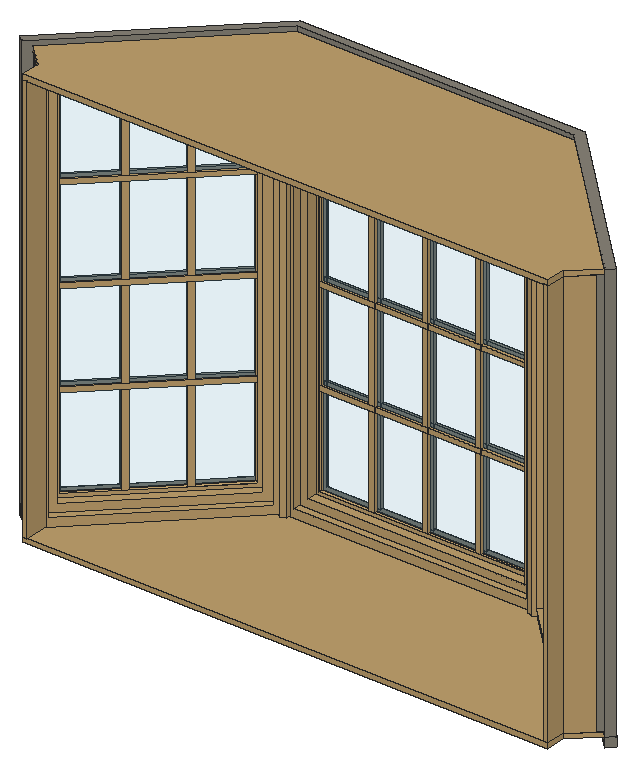
Revit family
Parameters (values of type "CUCABB_45")
  Window Type = "Clad Ultimate Casement Bay-45 Degree"
  Width Side Unit = Nominal Width Side Unit  # 2' - 4"
  Width Center Unit = Nominal Width Center Unit  # 3' - 0"
  Void Offset_SB = if(Sill Board Visibility, 0' 0 11/16", 0' 0")  # 0' - 0 11/16"
  Void Offset_S = if(Subsill A217 Visibility, 0' 1 11/32", if(Sill Board Visibility, 0' 0 11/16", if(Subsill A246 Visibility, 0' 0 9/16", 0' 0")))  # 0' - 1 11/32"
  Void Offset_HB = if(Head Board Visibility, 0' 0 11/16", 0' 0")  # 0' - 0 11/16"
  Void Offset_H = if(Flat Casing Visibility, 0' 3", if(BMC Visibility, 0' 1 5/16", if(Head Board Visibility, 0' 0 11/16", 0' 0")))  # 0' - 1 5/16"
  Void Offset_C2 = if(Flat Casing Visibility, 0' 3", 0' 1 5/16")  # 0' - 1 5/16"
  Void Offset_C = if(Casing Visibility, 0' 0", 0' 9")  # 0' - 0"
  Vent Area = VO Width * VO Height * 2  # 15.6714 SF
  VO Width = if(Width Side Unit < 1' 8", Width Side Unit - 0' 9 19/32", Width Side Unit - 0' 7 7/64")  # 1' - 8 57/64"
  VO Height = Height Without Seat_Head Board - 0' 5 29/256"  # 4' - 6 3/256"
  URL = "www.marvin.com"
  Subsill Height = if(Subsill A217 Visibility, 0' 1 11/32", 0' 0 9/16")  # 0' - 1 11/32"
  Prairie Corner Width = 0' - 4"
  Prairie Corner Height = 0' - 4"
  Offset_3 [instance] = if(not(Casing Visibility), 0' 0 1/16", if(Inset to Installation Flange > 0' 0 13/16", 0' 1", 0' 0"))  # 0' - 1"
  Offset_2 [instance] = if(not(Casing Visibility), 0' 0 1/16", if(Inset to Installation Flange < 0' 0 13/16", 0' 1", 0' 0"))  # 0' - 0"
  Offset [instance] = if(BMC Visibility, 0' 3 81/128" + Inset to Installation Flange, if(Flat Casing Visibility, 0' 2 113/256" + Inset to Installation Flange, 0' 4 9/16" + Inset to Installation Flange))  # 0' - 4 81/128"
  Muntins Interior Material = Wood-Marvin-Pine
  Muntins Exterior Material = Aluminum-Marvin-Bronze
  Lite Cut Prairie 9 = no
  Lite Cut HV Grid = not(Lite Cut Prairie 9)  # yes
  Interior Material = Wood-Marvin-Pine
  Head Board Visibility = yes
  Sill Board Visibility = yes
  Projection = (Width Side Unit + 0' 1 115/128") * (sqrt(2) / 2)  # 1' - 9.14139"
  Glazing Material = Glass-Marvin-IG Low E II with Argon
  Frame = "Aluminum Clad"
  Elevation Swing Visibility = yes
  Design Pressure = "DP50"
  Cladding Material = Aluminum-Marvin-Bronze
  Casing Width = if(BMC Visibility, 0' 1 5/16", 0' 3")  # 0' - 1 5/16"
  Casing Visibility = yes
  Subsill Visibility = yes
  Casing Offset = if(BMC Visibility, 0' 0 119/128", if(Flat Casing Visibility, 0' 2 31/256", 0' 0"))  # 0' - 0 119/128"
  BMC Visibility = and(Casing Visibility, BMC)  # yes
  Flat Casing Visibility = and(Casing Visibility, Flat Casing)  # no
  Subsill A246 Visibility = and(Subsill Visibility, Subsill A246)  # no
  Subsill A217 Visibility = and(Subsill Visibility, Subsill A217)  # yes
  BMC = yes
  Flat Casing = not(BMC)  # no
  Subsill A246 = no
  Subsill A217 = not(Subsill A246)  # yes
  Nominal Width Side Unit = 2' - 4"
  Nominal Width Center Unit = 3' - 0"
  Nominal Height = 5' - 0"
  Model = "CUCABB_45"
  Manufacturer = "Marvin Windows and Doors"
  Lites Wide Side = 3
  Lites Wide Center = 4
  Lites High = 4
  Label Visibility = no
  Height With Seat_Head Board = Nominal Height + 0' 0 1/2"  # 5' - 0 1/2"
  Height Without Seat_Head Board = Nominal Height - 0' 0 7/8"  # 4' - 11 1/8"
  Glass Type = "IG Low E II with Argon"
  Family created by (URL) = "www.rbuiltcomponents.com"
  Rough Width = Projection * 2 + Width Center Unit + 0' 4 1/32"  # 6' - 10.31403"
  Rough Height = Height + 0' 0 1/2"  # 5' - 1"
  Muntins Interior Visibility = yes
  Muntins Exterior Visibility = yes
  Inset to Installation Flange [instance] = 0' - 1"
  Height = if(and(Head Board Visibility, Sill Board Visibility), Nominal Height + 0' 0 1/2", if(or(Head Board Visibility, Sill Board Visibility), Nominal Height - 0' 0 3/16", Nominal Height - 0' 0 7/8"))  # 5' - 0 1/2"
  Description = "CSMT BAY"
  Default Head Height = 8' - 0"
  Wall Closure = (empty or 0)
  Width = Rough Width  # 6' - 10.31403"
  Daylight Area = 2 * (DLO Width Side * DLO Height) + (DLO Width Center * DLO Height)  # 27.605 SF
  DLO Width Side = Width Side Unit - 0' 5 13/16"  # 1' - 10 3/16"
  DLO Width Center = Width Center Unit - 0' 5 13/16"  # 2' - 6 3/16"
  DLO Height = Height Without Seat_Head Board - 0' 5 13/16"  # 4' - 5 5/16"
  Assembly Code = ""
Reference planes (in)
  plane 1 "Center (Front/Back)": y = 0
  plane 2: z = 0
  plane 3 "Center (Left/Right)": x = -3
  plane 4 "Left": x = -44.15701
  plane 5 "Right": x = 38.15701
  plane 6 "Sill": z = 36.1875
  plane 7 "Top": z = 95.3125
  plane 8 "Inset": y = 2.92969
  plane 9 "Jamb Ext Face": y = -1.63281
  plane 10: z = 65.75
  plane 11: y = -0.29613
  plane 12: x = -40.9312
  plane 13: x = 34.9312
  plane 14 "Projection": y = 24.07108
  plane 15 "HB": z = 96
  plane 16 "SB": z = 35.5
  plane 17 "Offset_H": z = 96.625
  plane 18 "Offset_S": z = 34.84375
  plane 19 "Subsill": z = 34.84375
  plane 20 "Offset_HB": z = 96
  plane 21 "Offset_SB": z = 35.5
  plane 22 "Casing": z = 96.625
Forms (in)
  Extrusion 1, void
    sketch origin (0, 0, 36.1875) x (0, -1, 0) y (1, 0, 0)
      loop
        line (0.29613, -40.9312) -> (3, -40.9312) -> (3, 34.9312) -> (0.29613, 34.9312) -> (0.29613, -40.9312)
    from -0.6875 to 59.8125
  Extrusion 2, void
    sketch origin (0, 0, 36.1875) x (0, -1, 0) y (1, 0, 0)
      loop
        line (-3, -44.22733) -> (0.29613, -40.9312) -> (0.29613, 34.9312) -> (-3, 38.22733) -> (-3, -44.22733)
    from -1.34375 to 60.4375
  Extrusion 3, solid, material "Aluminum-Marvin-Bronze" <- "Cladding Material"
    sketch origin (0, 0, 36.1875) x (0, -1, 0) y (1, 0, 0)
      loop
        line (-23.50226, -25.1316) -> (-19.5025, -21.13185) -> (-19.06034, -21.57401) -> (-18.70678, -21.22046) -> (-19.00858, -20.37688) -> (-19.50858, -20.37688) -> (-19.50858, -21) -> (-25.16508, -21) -> (-25.16508, -23.46878) -> (-23.50226, -25.1316)
    from 0 to 59.125
  Extrusion 4, solid, material "Aluminum-Marvin-Bronze" <- "Cladding Material"
    sketch origin (-6, 0, 36.1875) x (0, -1, 0) y (1, 0, 0)
      loop
        line (-23.50226, 25.1316) -> (-25.16508, 23.46878) -> (-25.16508, 21) -> (-19.50858, 21) -> (-19.50858, 20.37688) -> (-19.00858, 20.37688) -> (-18.70678, 21.22046) -> (-19.06034, 21.57401) -> (-19.5025, 21.13185) -> (-23.50226, 25.1316)
    from 0 to 59.125
  Extrusion 5, solid, material "Wood-Marvin-Pine" <- "Interior Material", visible <- "Sill Board Visibility"
    sketch origin (0, 0, 36.1875) x (0, -1, 0) y (1, 0, 0)
      loop
        line (-2.92969, -44.15701) -> (0.29613, -40.9312) -> (3, -40.9312) -> (3, 34.9312) -> (0.29613, 34.9312) -> (-2.92969, 38.15701) -> (-24.07108, 17.01563) -> (-24.07108, -23.01563) -> (-2.92969, -44.15701)
    from 0 to -0.6875
  Extrusion 6, solid, material "Wood-Marvin-Pine" <- "Interior Material", visible <- "Head Board Visibility"
    sketch origin (0, 0, 95.3125) x (0, -1, 0) y (1, 0, 0)
      loop
        line (-2.92969, -44.15701) -> (0.29613, -40.9312) -> (3, -40.9312) -> (3, 34.9312) -> (0.29613, 34.9312) -> (-2.92969, 38.15701) -> (-24.07108, 17.01563) -> (-24.07108, -23.01563) -> (-2.92969, -44.15701)
    from 0.6875 to 0
  Extrusion 7, void
    sketch origin (0, 0, 36.1875) x (0, -1, 0) y (1, 0, 0)
      loop
        line (-2.92969, -44.15701) -> (-11.41497, -52.64229) -> (-10.48689, -53.57037) -> (-2.00161, -45.08509) -> (-2.92969, -44.15701)
      loop
        line (-2.92969, 38.15701) -> (-2.00161, 39.08509) -> (-10.48689, 47.57037) -> (-11.41497, 46.64229) -> (-2.92969, 38.15701)
    from -1.34375 to 60.4375
  Extrusion 8, void
    sketch origin (0, 0, 36.1875) x (0, -1, 0) y (1, 0, 0)
      loop
        line (-24.07108, -23.01563) -> (-2, -45.0867) -> (-2, 39.0867) -> (-24.07108, 17.01562) -> (-24.07108, -23.01563)
    from 60.4375 to -1.34375
  Sweep 9, solid, material "Aluminum-Marvin-Bronze" <- "Cladding Material", visible <- "Flat Casing Visibility"
    path in 3D
      loop
        line (-45.0867, 2, 34.84375) -> (-45.0867, 2, 96.625) -> (-23.01563, 24.07108, 96.625) -> (17.01562, 24.07108, 96.625) -> (39.0867, 2, 96.625) -> (39.0867, 2, 34.84375)
    profile "Flat_Casing_Clad : Flat_Casing_Clad" origin (-45.0867, 2, 65.73438) x (1, 0, 0) y (0, 1, 0)
      loop
        line (1.34792, 2.89472) -> (-0.7734, 0.7734) -> (0, 0) -> (2.12132, 2.12132) -> (1.34792, 2.89472)
  Sweep 10, solid, material "Aluminum-Marvin-Bronze" <- "Cladding Material", visible <- "Subsill Visibility"
    path in 3D
      loop
        line (39.0867, 2, 34.84375) -> (17.01562, 24.07108, 34.84375) -> (-23.01563, 24.07108, 34.84375) -> (-45.0867, 2, 34.84375)
    profile origin (-3, 24.07108, 34.84375) x (0, -1, 0) y (0, 0, 1)
      loop
        line (0, 1.34375) -> (-1.09401, 1.34375) -> (-1.09401, 1.1911) -> (-1.34375, 1.15625) -> (-1.34375, 0) -> (0, 0) -> (0, 1.34375)
  Sweep 11, solid, material "Aluminum-Marvin-Bronze" <- "Cladding Material", visible <- "BMC Visibility"
    path in 3D
      loop
        line (-45.0867, 2, 34.84375) -> (-45.0867, 2, 96.625) -> (-23.01563, 24.07108, 96.625) -> (17.01562, 24.07108, 96.625) -> (39.0867, 2, 96.625) -> (39.0867, 2, 34.84375)
    profile "BMC_Clad : BMC_Clad" origin (-45.0867, 2, 65.73438) x (1, 0, 0) y (0, 1, 0)
      loop
        line (-0.4604, 1.30736) -> (-0.88227, 0.88549) -> (0.00161, 0.00161) -> (0.92969, 0.92969) -> (0.15629, 1.70309) -> (-0.11298, 1.43381) -> (-0.4604, 1.30736)
  Extrusion 12, solid, material "Wood-Marvin-Pine" <- "Interior Material"
    sketch origin (0, 0, 36.1875) x (0, -1, 0) y (1, 0, 0)
      loop
        line (0.29685, -40.9312) -> (3, -40.9312) -> (3, -40.2437) -> (-0.39065, -40.2437) -> (0.29685, -40.9312)
      loop
        line (0.29685, 34.9312) -> (-0.39065, 34.2437) -> (3, 34.2437) -> (3, 34.9312) -> (0.29685, 34.9312)
    from 0 to 59.125
Cuts and joins
  Extrusion 7 cuts Extrusion 5
Lines and regions (in)
  Masking region 1, visible <- "Sill Board Visibility"
    outline origin (0, 0, 36.1875) x (0, -1, 0) y (1, 0, 0)
      loop
        line (-19.50858, -21.12578) -> (0.29685, -40.9312) -> (3, -40.9312) -> (3, 34.9312) -> (0.29685, 34.9312) -> (-19.50858, 15.12578) -> (-19.50858, -21.12578)
  Masking region 2
    outline origin (-3, 7.5, 0) x (0, 1, 0) y (0, 0, 1)
      loop
        line (17.66508, 95.3125) -> (-10.5, 95.3125) -> (-10.5, 36.1875) -> (17.66508, 36.1875) -> (17.66508, 95.3125)
  Masking region 3, visible <- "BMC Visibility"
    outline origin (0, 0, 36.1875) x (0, -1, 0) y (1, 0, 0)
      loop
        line (-3.70309, -44.93041) -> (-3.43381, -45.19968) -> (-3.30736, -45.5471) -> (-2.88549, -45.96897) -> (-2.00161, -45.08509) -> (-2.92969, -44.15701) -> (-3.70309, -44.93041)
      loop
        line (-2.92969, 38.15701) -> (-2.00161, 39.08509) -> (-2.88549, 39.96897) -> (-3.30736, 39.5471) -> (-3.43381, 39.19968) -> (-3.70309, 38.93041) -> (-2.92969, 38.15701)
  Masking region 4, visible <- "Flat Casing Visibility"
    outline origin (0, 0, 36.1875) x (0, -1, 0) y (1, 0, 0)
      loop
        line (-4.89472, 37.73878) -> (-4.12132, 36.96538) -> (-2, 39.0867) -> (-2.7734, 39.8601) -> (-4.89472, 37.73878)
      loop
        line (-2, -45.0867) -> (-4.12132, -42.96538) -> (-4.89472, -43.73878) -> (-2.7734, -45.8601) -> (-2, -45.0867)
  Masking region 5
    outline origin (0, 0, 36.1875) x (0, -1, 0) y (1, 0, 0)
      loop
        line (-25.16508, -23.46878) -> (-3.70327, -44.93059) -> (0.29613, -40.9312) -> (3, -40.9312) -> (3, -40.2437) -> (-0.39137, -40.2437) -> (-19.50908, -21.12599) -> (-19.50908, 15.12599) -> (-0.39137, 34.2437) -> (3, 34.2437) -> (3, 34.9312) -> (0.29613, 34.9312) -> (-3.70327, 38.93059) -> (-25.16508, 17.46878) -> (-25.16508, -23.46878)
  Masking region 6, visible <- "Subsill Visibility"
    outline origin (-44.15701, 0, 0) x (0, -1, 0) y (0, 0, 1)
      loop
        line (0.29613, 36.1875) -> (-25.16508, 36.1875) -> (-25.16508, 36.03485) -> (-25.41483, 36) -> (-25.41483, 34.84375) -> (0.29613, 34.84375) -> (0.29613, 36.1875)
  Masking region 7, visible <- "Sill Board Visibility"
    outline origin (-44.15701, 0, 0) x (0, -1, 0) y (0, 0, 1)
      loop
        line (-24.07108, 36.1875) -> (-24.07108, 35.5) -> (3, 35.5) -> (3, 36.1875) -> (-24.07108, 36.1875)
  Masking region 8, visible <- "Casing Visibility"
    outline origin (-44.15701, 0, 0) x (0, -1, 0) y (0, 0, 1)
      loop
        line (-25.16483, 96.625) -> (-25.16483, 95.3125) -> (0.29613, 95.3125) -> (0.29613, 96.625) -> (-25.16483, 96.625)
  Masking region 9, visible <- "Head Board Visibility"
    outline origin (-44.15701, 0, 0) x (0, -1, 0) y (0, 0, 1)
      loop
        line (-24.07108, 96) -> (-24.07108, 95.3125) -> (3, 95.3125) -> (3, 96) -> (-24.07108, 96)
  symbolic lines, style "WindowsFrameMullionProjection", detail levels coarse+medium
    curve 1: line (-3, 25.16508, 95.3125) -> (-3, 25.16508, 94.1245)
    curve 2: line (-3, 25.16508, 94.1245) -> (-3, 19.50908, 94.1245)
    curve 3: line (-3, 19.50908, 94.1245) -> (-3, 19.50908, 95.3125)
    curve 4: line (-3, 23.70508, 94.1245) -> (-3, 23.70508, 92.4165)
    curve 5: line (-3, 23.70508, 92.4165) -> (-3, 22.08408, 92.4165)
    curve 6: line (-3, 22.08408, 37.3755) -> (-3, 22.08408, 39.0835)
    curve 7: line (-3, 25.16508, 36.1875) -> (-3, 25.16508, 37.3755)
    curve 8: line (-3, 25.16508, 37.3755) -> (-3, 19.50908, 37.3755)
    curve 9: line (-3, 19.50908, 37.3755) -> (-3, 19.50908, 36.1875)
    curve 10: line (-3, 23.70508, 39.0835) -> (-3, 22.08408, 39.0835)
    curve 11: line (-3, 22.08408, 39.0835) -> (-3, 22.08408, 92.4165)
    curve 12: line (-3, 23.70508, 39.0835) -> (-3, 23.70508, 37.3755)
    curve 13: line (-3, 22.08408, 92.4165) -> (-3, 22.08408, 94.1245)
    curve 14: line (-3, 23.70508, 92.4165) -> (-3, 23.70508, 39.0835)
    curve 35: line (-40.9312, -0.29613, 36.1875) -> (-40.09115, 0.54391, 36.1875)
    curve 36: line (-40.09115, 0.54391, 36.1875) -> (-44.09055, 4.54331, 36.1875)
    curve 37: line (-44.93059, 3.70327, 36.1875) -> (-40.9312, -0.29613, 36.1875)
    curve 38: line (-44.09055, 4.54331, 36.1875) -> (-44.93059, 3.70327, 36.1875)
    curve 39: line (-41.85044, 4.71867, 36.1875) -> (-43.05817, 3.51094, 36.1875)
    curve 40: line (-41.91195, 2.36471, 36.1875) -> (-40.70422, 3.57245, 36.1875)
    curve 41: line (-40.70422, 3.57245, 36.1875) -> (-41.85044, 4.71867, 36.1875)
    curve 42: line (-21.13221, 19.50286, 36.1875) -> (-25.1316, 23.50226, 36.1875)
    curve 43: line (-21.13221, 19.50286, 36.1875) -> (-21.97179, 18.66328, 36.1875)
    curve 44: line (-25.97119, 22.66268, 36.1875) -> (-25.1316, 23.50226, 36.1875)
    curve 45: line (-21.97179, 18.66328, 36.1875) -> (-25.97119, 22.66268, 36.1875)
    curve 46: line (-26.14655, 20.42256, 36.1875) -> (-24.93881, 21.6303, 36.1875)
    curve 47: line (-23.79259, 20.48408, 36.1875) -> (-25.00033, 19.27634, 36.1875)
    curve 48: line (-25.00033, 19.27634, 36.1875) -> (-26.14655, 20.42256, 36.1875)
    curve 50: line (-21.13175, 25.16508, 36.1875) -> (-21.13175, 19.50908, 36.1875)
    curve 51: line (-21.13175, 19.50908, 36.1875) -> (-19.94375, 19.50908, 36.1875)
    curve 52: line (-19.94375, 19.50908, 36.1875) -> (-19.94375, 25.16508, 36.1875)
    curve 53: line (-19.94375, 25.16508, 36.1875) -> (-21.13175, 25.16508, 36.1875)
    curve 54: line (-18.23575, 23.70508, 36.1875) -> (-19.94375, 23.70508, 36.1875)
    curve 55: line (-19.94375, 22.08408, 36.1875) -> (-18.23575, 22.08408, 36.1875)
    curve 56: line (-18.23575, 22.08408, 36.1875) -> (-18.23575, 23.70508, 36.1875)
    curve 57: line (15.13175, 25.16508, 36.1875) -> (15.13175, 19.50908, 36.1875)
    curve 58: line (15.13175, 19.50908, 36.1875) -> (13.94375, 19.50908, 36.1875)
    curve 59: line (13.94375, 19.50908, 36.1875) -> (13.94375, 25.16508, 36.1875)
    curve 60: line (13.94375, 25.16508, 36.1875) -> (15.13175, 25.16508, 36.1875)
    curve 61: line (12.23575, 23.70508, 36.1875) -> (13.94375, 23.70508, 36.1875)
    curve 62: line (13.94375, 22.08408, 36.1875) -> (12.23575, 22.08408, 36.1875)
    curve 63: line (12.23575, 22.08408, 36.1875) -> (12.23575, 23.70508, 36.1875)
    curve 65: line (19.1316, 23.50226, 36.1875) -> (15.13221, 19.50286, 36.1875)
    curve 66: line (15.13221, 19.50286, 36.1875) -> (15.97179, 18.66328, 36.1875)
    curve 67: line (15.97179, 18.66328, 36.1875) -> (19.97119, 22.66268, 36.1875)
    curve 68: line (19.97119, 22.66268, 36.1875) -> (19.1316, 23.50226, 36.1875)
    curve 69: line (20.14655, 20.42256, 36.1875) -> (18.93881, 21.6303, 36.1875)
    curve 70: line (17.79259, 20.48408, 36.1875) -> (19.00033, 19.27634, 36.1875)
    curve 71: line (19.00033, 19.27634, 36.1875) -> (20.14655, 20.42256, 36.1875)
    curve 72: line (35.91195, 2.36471, 36.1875) -> (34.70422, 3.57245, 36.1875)
    curve 73: line (35.85044, 4.71867, 36.1875) -> (37.05817, 3.51094, 36.1875)
    curve 74: line (34.70422, 3.57245, 36.1875) -> (35.85044, 4.71867, 36.1875)
    curve 75: line (34.09115, 0.54391, 36.1875) -> (38.09055, 4.54331, 36.1875)
    curve 76: line (34.9312, -0.29613, 36.1875) -> (34.09115, 0.54391, 36.1875)
    curve 77: line (38.93059, 3.70327, 36.1875) -> (34.9312, -0.29613, 36.1875)
    curve 78: line (38.09055, 4.54331, 36.1875) -> (38.93059, 3.70327, 36.1875)
    curve 80: line (-25.13137, 23.50295, 36.1875) -> (-23.46994, 25.16439, 36.1875)
    curve 81: line (-21.13175, 25.16439, 36.1875) -> (-23.46994, 25.16439, 36.1875)
    curve 82: line (15.13175, 25.16508, 36.1875) -> (17.46924, 25.16508, 36.1875)
    curve 83: line (19.13137, 23.50295, 36.1875) -> (17.46924, 25.16508, 36.1875)
    curve 92: line (-40.2437, 0.39065, 36.1875) -> (-40.2437, -3, 36.1875)
    curve 93: line (-40.2437, -3, 36.1875) -> (-40.9312, -3, 36.1875)
    curve 94: line (34.2437, -3, 36.1875) -> (34.2437, 0.39065, 36.1875)
    curve 95: line (34.9312, -3, 36.1875) -> (34.2437, -3, 36.1875)
    curve 99: line (-44.15701, 25.16508, 36.1875) -> (-44.15701, 19.50908, 36.1875)
    curve 109: line (-44.15701, 19.50908, 95.3125) -> (-44.15701, 25.16483, 95.3125)
    curve 139: line (-41.85044, 4.71867, 36.1875) -> (-26.14655, 20.42256, 36.1875)
    curve 140: line (-40.70422, 3.57245, 36.1875) -> (-25.00033, 19.27634, 36.1875)
    curve 141: line (-18.23575, 23.70508, 36.1875) -> (12.23575, 23.70508, 36.1875)
    curve 142: line (-18.23575, 22.08408, 36.1875) -> (12.23575, 22.08408, 36.1875)
    curve 143: line (20.14655, 20.42256, 36.1875) -> (35.85044, 4.71867, 36.1875)
    curve 144: line (19.00033, 19.27634, 36.1875) -> (34.70422, 3.57245, 36.1875)
  symbolic lines, style "WindowsFrameMullionProjection"
    curve 15: line (-3, 19.50908, 37.3755) -> (-3, 19.50908, 94.1245)
    curve 122: line (-44.15701, 18.66282, 92.4165) -> (-44.15701, 4.44714, 92.4165)
    curve 123: line (-44.15701, 4.44714, 92.4165) -> (-44.15701, 4.44714, 39.0835)
    curve 124: line (-44.15701, 4.44714, 39.0835) -> (-44.15701, 18.66282, 39.0835)
    curve 125: line (-44.15701, 18.66282, 94.1245) -> (-44.15701, 1.32234, 94.1245)
    curve 126: line (-44.15701, 1.32234, 37.3755) -> (-44.15701, 18.66282, 37.3755)
    curve 127: line (-44.15701, 3.11152, 94.1245) -> (-44.15701, 3.11152, 37.3755)
    curve 128: line (-44.15701, 0.39065, 36.1875) -> (-44.15701, 0.39065, 95.3125)
    curve 129: line (-44.15701, 1.32234, 37.3755) -> (-44.15701, 1.32234, 94.1245)
    curve 130: line (-44.15701, 18.66282, 37.3755) -> (-44.15701, 18.66282, 94.1245)
  reference lines
    curve 16: line (-44.15701, 2.92969, 36.1875) -> (-40.9312, -0.29613, 36.1875)
    curve 17: line (-44.15701, 2.92969, 36.1875) -> (-40.9312, -0.29613, 36.1875)
    curve 18: line (38.15701, 2.92969, 36.1875) -> (34.9312, -0.29613, 36.1875)
    curve 19: line (-44.15701, 2.92969, 36.1875) -> (-23.01563, 24.07108, 36.1875)
    curve 20: line (38.15701, 2.92969, 36.1875) -> (17.01562, 24.07108, 36.1875)
    curve 21: line (-23.01563, 24.07108, 36.1875) -> (17.01562, 24.07108, 36.1875)
  sketch lines
    curve 22: line (-45.0867, 2, 34.84375) -> (-45.0867, 2, 96.625)
    curve 23: line (-45.0867, 2, 96.625) -> (-23.01563, 24.07108, 96.625)
    curve 24: line (-23.01563, 24.07108, 96.625) -> (17.01562, 24.07108, 96.625)
    curve 25: line (17.01562, 24.07108, 96.625) -> (39.0867, 2, 96.625)
    curve 26: line (39.0867, 2, 34.84375) -> (39.0867, 2, 96.625)
    curve 27: line (17.01562, 24.07108, 34.84375) -> (-23.01563, 24.07108, 34.84375)
    curve 28: line (-23.01563, 24.07108, 34.84375) -> (-45.0867, 2, 34.84375)
    curve 29: line (39.0867, 2, 34.84375) -> (17.01562, 24.07108, 34.84375)
    curve 30: line (-45.0867, 2, 34.84375) -> (-45.0867, 2, 96.625)
    curve 31: line (-45.0867, 2, 96.625) -> (-23.01563, 24.07108, 96.625)
    curve 32: line (-23.01563, 24.07108, 96.625) -> (17.01562, 24.07108, 96.625)
    curve 33: line (17.01562, 24.07108, 96.625) -> (39.0867, 2, 96.625)
    curve 34: line (39.0867, 2, 34.84375) -> (39.0867, 2, 96.625)
  symbolic lines, style "WindowsGlassProjection", detail levels coarse+medium
    curve 49: line (-41.27733, 4.14556, 36.1875) -> (-25.57344, 19.84945, 36.1875)
    curve 64: line (-18.23575, 22.89458, 36.1875) -> (12.23575, 22.89458, 36.1875)
    curve 79: line (35.27733, 4.14556, 36.1875) -> (19.57344, 19.84945, 36.1875)
    curve 96: line (-44.15701, 22.89458, 39.0835) -> (-44.15701, 22.89458, 92.4165)
  symbolic lines, style "WindowsFrameMullionProjection", visible <- "BMC Visibility", detail levels coarse+medium
    curve 84: line (-45.96897, 2.88549, 36.1875) -> (-45.5471, 3.30736, 36.1875)
    curve 85: line (-45.5471, 3.30736, 36.1875) -> (-45.19968, 3.43381, 36.1875)
    curve 86: line (-45.19968, 3.43381, 36.1875) -> (-44.93041, 3.70309, 36.1875)
    curve 87: line (39.5471, 3.30736, 36.1875) -> (39.96897, 2.88549, 36.1875)
    curve 88: line (39.19968, 3.43381, 36.1875) -> (39.5471, 3.30736, 36.1875)
    curve 89: line (38.93041, 3.70309, 36.1875) -> (39.19968, 3.43381, 36.1875)
  symbolic lines, style "WindowsFrameMullionProjection", visible <- "Flat Casing Visibility", detail levels coarse+medium
    curve 90: line (-45.8601, 2.7734, 36.1875) -> (-43.73878, 4.89472, 36.1875)
    curve 91: line (39.8601, 2.7734, 36.1875) -> (37.73878, 4.89472, 36.1875)
    curve 137: line (39.0867, 2, 36.1875) -> (36.96538, 4.12132, 36.1875)
    curve 138: line (-42.96538, 4.12132, 36.1875) -> (-45.0867, 2, 36.1875)
  symbolic lines, style "Jamb Extension", visible <- "Subsill Visibility", detail levels fine
    curve 97: line (-44.15701, 25.41483, 34.84375) -> (-44.15701, 24.07108, 34.84375)
    curve 98: line (-44.15701, 24.07108, 34.84375) -> (-44.15701, 24.07108, 36.1875)
  symbolic lines, style "WindowsFrameMullionProjection", visible <- "Subsill Visibility", detail levels coarse+medium
    curve 100: line (-44.15701, 25.16508, 36.1875) -> (-44.15701, 25.16508, 36.03485)
    curve 101: line (-44.15701, 25.16508, 36.03485) -> (-44.15701, 25.41483, 36)
    curve 102: line (-44.15701, 25.41483, 36) -> (-44.15701, 25.41483, 34.84375)
    curve 103: line (-44.15701, 25.41483, 34.84375) -> (-44.15701, 24.07108, 34.84375)
    curve 104: line (-44.15701, 24.07108, 34.84375) -> (-44.15701, 24.07108, 36.1875)
  symbolic lines, style "WindowsFrameMullionProjection", visible <- "Sill Board Visibility", detail levels coarse+medium
    curve 105: line (-44.15701, -3, 36.1875) -> (-44.15701, 24.07108, 36.1875)
    curve 106: line (-44.15701, 24.07108, 35.5) -> (-44.15701, -3, 35.5)
    curve 107: line (-44.15701, -3, 35.5) -> (-44.15701, -3, 36.1875)
    curve 108: line (-44.15701, 24.07108, 36.1875) -> (-44.15701, 24.07108, 35.5)
  symbolic lines, style "WindowsFrameMullionProjection", visible <- "Head Board Visibility", detail levels coarse+medium
    curve 110: line (-44.15701, 24.07108, 96) -> (-44.15701, -3, 96)
    curve 111: line (-44.15701, 24.07108, 95.3125) -> (-44.15701, 24.07108, 96)
    curve 112: line (-44.15701, -3, 95.3125) -> (-44.15701, 24.07108, 95.3125)
    curve 113: line (-44.15701, -3, 96) -> (-44.15701, -3, 95.3125)
  symbolic lines, style "WindowsFrameMullionProjection", visible <- "Casing Visibility", detail levels coarse+medium
    curve 114: line (-44.15701, 25.16483, 96.625) -> (-44.15701, 24.07108, 96.625)
    curve 115: line (-44.15701, 25.16483, 95.3125) -> (-44.15701, 25.16483, 96.625)
    curve 116: line (-44.15701, 24.07108, 95.3125) -> (-44.15701, 25.16483, 95.3125)
    curve 117: line (-44.15701, 24.07108, 96.625) -> (-44.15701, 24.07108, 95.3125)
    curve 135: line (-45.0867, 2, 36.1875) -> (-45.8601, 2.7734, 36.1875)
    curve 136: line (39.8601, 2.7734, 36.1875) -> (39.0867, 2, 36.1875)
  symbolic lines, style "Jamb Extension", visible <- "Casing Visibility", detail levels fine
    curve 118: line (-44.15701, 25.16483, 96.625) -> (-44.15701, 24.07108, 96.625)
    curve 119: line (-44.15701, 25.16483, 95.3125) -> (-44.15701, 25.16483, 96.625)
    curve 120: line (-44.15701, 24.07108, 95.3125) -> (-44.15701, 25.16483, 95.3125)
    curve 121: line (-44.15701, 24.07108, 96.625) -> (-44.15701, 24.07108, 95.3125)
  symbolic lines, style "Elevation Swing", visible <- "Elevation Swing Visibility"
    curve 131: line (19.1316, 24.07108, 36) -> (38.15701, 24.07108, 65.75)
    curve 132: line (38.15701, 24.07108, 65.75) -> (19.1316, 24.07108, 95.3125)
    curve 133: line (-25.1316, 24.07108, 36.1875) -> (-44.15701, 24.07108, 65.75)
    curve 134: line (-44.15701, 24.07108, 65.75) -> (-25.1316, 24.07108, 95.3125)
Text (in)
  text "EXTERIOR" at (-58.6888, 50.90694, 0), in view "Ref. Level"
  text "INTERIOR" at (-58.6888, -37.76638, 0), in view "Ref. Level"
  text "Exterior" at (0, 43.65631, 123.19604), in view "Left"
  text "Exterior" at (0, 18.29385, 125.04747), in view "Right"
Dimensions and locks (in)
  equal spacing: plane 4 "Left", plane 3 "Center (Left/Right)", plane 5 "Right"
  "Rough Width": plane 4 "Left" to plane 5 "Right"
  "Height With Seat_Head Board": plane 16 "SB" to plane 15 "HB"
  "Offset": host wall to plane 9 "Jamb Ext Face"
  locked: plane 9 "Jamb Ext Face" to plane 8 "Inset" at 4.5625
  equal spacing: plane 6 "Sill", plane 10, plane 7 "Top"
  "Default Head Height": plane 2 to plane 15 "HB"
  locked: nested 2 to Sweep 10 at 6
  locked: plane 9 "Jamb Ext Face" to plane 11 at 1.33668
  locked: plane 4 "Left" to plane 12 at 3.22582
  locked: plane 13 to plane 5 "Right" at 3.22582
  "Projection": plane 8 "Inset" to plane 14 "Projection"
  locked: Extrusion 3 sketch curve to Extrusion 3 sketch curve at 0.5
  locked: Extrusion 3 sketch curve to nested 3 at 0.5
  locked: Extrusion 4 sketch curve to Extrusion 4 sketch curve at 0.5
  locked: Extrusion 4 sketch curve to nested 3 at 0.5
  locked: plane 7 "Top" to plane 15 "HB" at 0.6875
  locked: plane 16 "SB" to plane 6 "Sill" at 0.6875
  "Void Offset_H": plane 17 "Offset_H" to plane 7 "Top"
  "Void Offset_S": plane 6 "Sill" to plane 18 "Offset_S"
  "Void Offset_C2": Extrusion 7 sketch curve to Extrusion 7 sketch curve  (x2)
  "Void Offset_C": curve 19 to Extrusion 7 sketch curve
  locked: curve 19 to Extrusion 7 sketch curve at 12
  "Void Offset_C": Extrusion 7 sketch curve to curve 20
  locked: Extrusion 7 sketch curve to curve 20 at 12
  "Subsill Height": plane 19 "Subsill" to plane 6 "Sill"
  locked: Sweep 10 sketch curve to Sweep 10 sketch curve at 1.34375
  "Casing Offset": Extrusion 8 sketch curve to plane 8 "Inset"
  locked: plane 12 to Extrusion 12 sketch curve at 0.6875
  locked: Extrusion 12 sketch curve to plane 13 at 0.6875
  "Void Offset_HB": plane 7 "Top" to plane 20 "Offset_HB"
  "Void Offset_SB": plane 21 "Offset_SB" to plane 6 "Sill"
  locked: Masking region 7 sketch curve to plane 6 "Sill" at 0.6875
  locked: plane 7 "Top" to Masking region 9 sketch curve at 0.6875
  "Casing Width": plane 7 "Top" to plane 22 "Casing"
  locked: plane 8 "Inset" to curve 19 (angle 45.00°)
  locked: curve 20 to plane 8 "Inset" (angle 45.00°)
  locked: plane 8 "Inset" to nested 4 (angle 45.00°)
  locked: Extrusion 6 to plane 8 "Inset" (angle 45.00°)
  aligned and locked: nested 1 to plane 3 "Center (Left/Right)"
  aligned and locked: plane 8 "Inset" to nested 1
  aligned and locked: Masking region 1 sketch curve to host wall
  aligned and locked: Masking region 2 sketch curve to plane 7 "Top"
  aligned and locked: Masking region 2 sketch curve to plane 6 "Sill"
  aligned and locked: plane 3 "Center (Left/Right)" to nested 2
  aligned and locked: curve 8 to curve 15
  aligned and locked: Extrusion 1 sketch curve to plane 11
  aligned and locked: Extrusion 1 sketch curve to host wall
  aligned and locked: plane 12 to Extrusion 1 sketch curve
  aligned and locked: plane 13 to Extrusion 1 sketch curve
  aligned and locked: plane 11 to Extrusion 2 sketch curve
  aligned and locked: Extrusion 2 sketch curve to host wall
  aligned and locked: plane 8 "Inset" to curve 17
  aligned and locked: plane 4 "Left" to curve 17
  aligned and locked: plane 11 to curve 17
  aligned and locked: plane 12 to curve 17
  aligned and locked: plane 5 "Right" to curve 18
  aligned and locked: plane 8 "Inset" to curve 18
  aligned and locked: plane 11 to curve 18
  aligned and locked: plane 13 to curve 18
  aligned and locked: Extrusion 2 sketch curve to curve 18
  aligned and locked: Extrusion 2 sketch curve to curve 17
  aligned and locked: plane 14 "Projection" to curve 19
  aligned and locked: plane 14 "Projection" to curve 20
  aligned and locked: plane 12 to Masking region 1 sketch curve
  aligned and locked: Masking region 1 sketch curve to plane 13
  aligned and locked: plane 3 "Center (Left/Right)" to nested 3
  aligned and locked: curve 17 to nested 4
  aligned and locked: curve 18 to nested 5
  aligned and locked: plane 7 "Top" to nested 5
  aligned and locked: nested 3 to plane 7 "Top"
  aligned and locked: nested 4 to plane 7 "Top"
  aligned and locked: plane 14 "Projection" to nested 3
  aligned and locked: nested 4 to curve 19
  aligned and locked: nested 5 to curve 20
  aligned and locked: Extrusion 3 sketch curve to nested 4  (x2)
  aligned and locked: Extrusion 3 sketch curve to nested 3  (x2)
  aligned and locked: nested 4 to Extrusion 3 sketch curve
  aligned and locked: nested 3 to Extrusion 3 sketch curve
  aligned and locked: plane 6 "Sill" to Extrusion 3
  aligned and locked: Extrusion 3 to plane 7 "Top"
  aligned and locked: Extrusion 4 sketch curve to nested 3  (x2)
  aligned and locked: Extrusion 4 sketch curve to nested 5  (x3)
  aligned and locked: nested 3 to Extrusion 4 sketch curve
  aligned and locked: curve 19 to Extrusion 5 sketch curve
  aligned and locked: Extrusion 5 sketch curve to nested 3
  aligned and locked: Extrusion 5 sketch curve to curve 20
  aligned and locked: Extrusion 5 sketch curve to curve 18
  aligned and locked: plane 13 to Extrusion 5 sketch curve
  aligned and locked: Extrusion 5 sketch curve to host wall
  aligned and locked: plane 12 to Extrusion 5 sketch curve
  aligned and locked: Extrusion 5 sketch curve to curve 17
  aligned and locked: Extrusion 5 to plane 6 "Sill"
  aligned and locked: Extrusion 6 to plane 7 "Top"
  aligned and locked: Extrusion 6 to plane 15 "HB"
  aligned and locked: plane 16 "SB" to Extrusion 5
  aligned and locked: curve 17 to Extrusion 7 sketch curve
  aligned and locked: curve 18 to Extrusion 7 sketch curve
  aligned and locked: Extrusion 4 to plane 7 "Top"
  aligned and locked: plane 6 "Sill" to Extrusion 4
  aligned and locked: Extrusion 8 sketch curve to curve 21
  aligned and locked: Extrusion 8 sketch curve to curve 19
  aligned and locked: Extrusion 8 sketch curve to curve 20
  aligned and locked: plane 19 "Subsill" to Extrusion 8
  aligned and locked: cut or joined group of Extrusion 5, Extrusion 7 to Sweep 10 sketch curve
  aligned and locked: Sweep 10 sketch curve to nested 3
  aligned and locked: Extrusion 8 to Sweep 10 sketch curve
  aligned and locked: nested 3 to Sweep 10 sketch curve
  aligned and locked: Sweep 10 sketch curve to Extrusion 3
  aligned and locked: Extrusion 12 sketch curve to nested 4
  aligned and locked: Extrusion 12 sketch curve to plane 12
  aligned and locked: plane 13 to Extrusion 12 sketch curve
  aligned and locked: Extrusion 12 sketch curve to nested 5
  aligned and locked: plane 6 "Sill" to Extrusion 12
  aligned and locked: Extrusion 12 to plane 7 "Top"
  aligned and locked: Extrusion 12 sketch curve to host wall
  aligned and locked: host wall to Extrusion 12 sketch curve
  aligned and locked: Masking region 3 sketch curve to Sweep 11  (x9)
  aligned and locked: Sweep 11 to Masking region 3 sketch curve  (x3)
  aligned and locked: Sweep 9 to Masking region 4 sketch curve  (x3)
  aligned and locked: Masking region 4 sketch curve to Sweep 9  (x5)
  aligned and locked: plane 18 "Offset_S" to Extrusion 2
  aligned and locked: Extrusion 7 to plane 17 "Offset_H"
  aligned and locked: Extrusion 2 to plane 17 "Offset_H"
  aligned and locked: Extrusion 1 to plane 20 "Offset_HB"
  aligned and locked: plane 21 "Offset_SB" to Extrusion 1
  aligned and locked: plane 18 "Offset_S" to Extrusion 7
  aligned and locked: curve 35 to nested 1
  aligned and locked: curve 36 to nested 1
  aligned and locked: curve 37 to nested 1
  aligned and locked: curve 38 to nested 1
  aligned and locked: curve 39 to nested 1
  aligned and locked: nested 1 to curve 40
  aligned and locked: curve 41 to nested 1
  aligned and locked: Extrusion 3 to curve 42
  aligned and locked: nested 1 to curve 43
  aligned and locked: curve 44 to nested 1
  aligned and locked: curve 45 to nested 1
  aligned and locked: curve 46 to nested 1
  aligned and locked: nested 1 to curve 47
  aligned and locked: curve 48 to nested 1
  aligned and locked: curve 50 to nested 1
  aligned and locked: curve 51 to nested 1
  aligned and locked: curve 52 to nested 1
  aligned and locked: curve 53 to nested 1
  aligned and locked: curve 54 to nested 1
  aligned and locked: nested 1 to curve 55
  aligned and locked: curve 56 to nested 1
  aligned and locked: curve 57 to nested 1
  aligned and locked: curve 58 to nested 1
  aligned and locked: curve 59 to nested 1
  aligned and locked: curve 60 to nested 1
  aligned and locked: curve 61 to nested 1
  aligned and locked: nested 1 to curve 62
  aligned and locked: curve 63 to nested 1
  aligned and locked: curve 65 to Extrusion 4
  aligned and locked: nested 1 to curve 66
  aligned and locked: curve 67 to nested 1
  aligned and locked: curve 68 to nested 1
  aligned and locked: curve 69 to nested 1
  aligned and locked: nested 1 to curve 70
  aligned and locked: curve 71 to nested 1
  aligned and locked: nested 1 to curve 72
  aligned and locked: curve 73 to nested 1
  aligned and locked: curve 74 to nested 1
  aligned and locked: curve 75 to nested 1
  aligned and locked: curve 76 to nested 1
  aligned and locked: curve 77 to nested 1
  aligned and locked: curve 78 to nested 1
  aligned and locked: curve 80 to nested 1
  aligned and locked: curve 81 to nested 1
  aligned and locked: curve 82 to nested 1
  aligned and locked: curve 83 to nested 1
  aligned and locked: curve 85 to Sweep 11
  aligned and locked: curve 86 to Sweep 11
  aligned and locked: Sweep 11 to curve 87  (x2)
  aligned and locked: curve 88 to Sweep 11
  aligned and locked: Sweep 11 to curve 89
  aligned and locked: Sweep 9 to curve 90  (x2)
  aligned and locked: Masking region 4 to curve 91
  aligned and locked: nested 1 to Masking region 5 sketch curve
  aligned and locked: Masking region 5 sketch curve to nested 1  (x2)
  aligned and locked: Masking region 5 sketch curve to Extrusion 12  (x6)
  aligned and locked: Masking region 1 sketch curve to nested 4
  aligned and locked: Masking region 1 sketch curve to nested 3
  aligned and locked: Masking region 1 sketch curve to nested 5
  aligned and locked: Masking region 5 sketch curve to Sweep 10  (x2)
  aligned and locked: Sweep 10 to Masking region 5 sketch curve
  aligned and locked: Masking region 5 sketch curve to cut or joined group of Extrusion 5, Extrusion 7  (x2)
  aligned and locked: curve 91 to Sweep 9
  aligned and locked: curve 92 to Extrusion 12  (x2)
  aligned and locked: curve 93 to Extrusion 12
  aligned and locked: curve 94 to Extrusion 12
  aligned and locked: curve 95 to Extrusion 12
  aligned and locked: nested 6 to plane 6 "Sill"
  aligned and locked: plane 14 "Projection" to nested 6
  aligned and locked: Masking region 2 sketch curve to host wall
  aligned and locked: Masking region 2 sketch curve to Extrusion 3
  aligned and locked: curve 1 to Extrusion 3
  aligned and locked: curve 4 to nested 6
  aligned and locked: curve 13 to nested 6
  aligned and locked: curve 7 to Extrusion 3
  aligned and locked: curve 9 to nested 6
  aligned and locked: curve 5 to nested 6
  aligned and locked: curve 10 to nested 6
  aligned and locked: curve 10 to curve 96
  aligned and locked: curve 5 to curve 96
  aligned and locked: Masking region 6 sketch curve to plane 6 "Sill"
  aligned and locked: Masking region 6 sketch curve to Sweep 10  (x4)
  aligned and locked: Masking region 7 sketch curve to host wall
  aligned and locked: plane 14 "Projection" to Masking region 7 sketch curve
  aligned and locked: Masking region 7 sketch curve to plane 6 "Sill"
  aligned and locked: curve 97 to Sweep 10  (x2)
  aligned and locked: nested 6 to curve 98
  aligned and locked: curve 99 to nested 6
  aligned and locked: curve 100 to Sweep 10
  aligned and locked: curve 101 to Sweep 10
  aligned and locked: curve 102 to Sweep 10
  aligned and locked: plane 14 "Projection" to curve 104
  aligned and locked: curve 105 to Masking region 7
  aligned and locked: curve 106 to Masking region 7
  aligned and locked: curve 107 to Masking region 7
  aligned and locked: curve 108 to Masking region 7
  aligned and locked: Extrusion 8 to plane 17 "Offset_H"
  aligned and locked: Masking region 8 sketch curve to plane 7 "Top"
  aligned and locked: Masking region 8 sketch curve to Sweep 9
  aligned and locked: plane 14 "Projection" to Masking region 9 sketch curve
  aligned and locked: Masking region 9 sketch curve to host wall
  aligned and locked: curve 109 to nested 6
  aligned and locked: curve 112 to Masking region 9
  aligned and locked: curve 113 to Extrusion 6
  aligned and locked: plane 14 "Projection" to curve 111
  aligned and locked: plane 7 "Top" to curve 116
  aligned and locked: curve 117 to plane 14 "Projection"
  aligned and locked: curve 115 to Sweep 9
  aligned and locked: nested 4 to curve 122
  aligned and locked: curve 123 to nested 4
  aligned and locked: curve 124 to nested 4
  aligned and locked: nested 4 to curve 125
  aligned and locked: nested 4 to curve 126
  aligned and locked: nested 4 to curve 127
  aligned and locked: curve 128 to Extrusion 12
  aligned and locked: curve 129 to nested 4
  aligned and locked: curve 130 to nested 4
  aligned and locked: curve 110 to Masking region 9
  aligned and locked: plane 22 "Casing" to Masking region 8 sketch curve
  aligned and locked: plane 22 "Casing" to curve 118
  aligned and locked: nested 5 to curve 131
  aligned and locked: plane 10 to curve 131
  aligned and locked: curve 132 to nested 5
  aligned and locked: curve 133 to nested 4
  aligned and locked: plane 10 to curve 133
  aligned and locked: nested 4 to curve 134
  aligned and locked: curve 90 to Sweep 9
  aligned and locked: curve 135 to Sweep 9
  aligned and locked: curve 84 to Sweep 11  (x2)
  aligned and locked: Sweep 11 to curve 86
  aligned and locked: Extrusion 12 to curve 94
  aligned and locked: curve 135 to Sweep 11
  aligned and locked: curve 136 to Sweep 9
  aligned and locked: curve 137 to Sweep 9
  aligned and locked: Sweep 9 to curve 137
  aligned and locked: Sweep 9 to curve 138
  aligned and locked: curve 138 to Sweep 9
  aligned and locked: plane 11 to Masking region 8 sketch curve
  aligned and locked: Masking region 6 sketch curve to plane 11
  aligned and locked: nested 1 to curve 139
  aligned and locked: nested 1 to curve 140
  aligned and locked: nested 1 to curve 143
Automatic sketch dimensions
  Extrusion 3 sketch curve to Extrusion 3 sketch curve = 0' - 0.44217"
  Extrusion 3 sketch curve to Extrusion 3 sketch curve = 0' - 0.62312"
  Extrusion 4 sketch curve to Extrusion 4 sketch curve = 0' - 0.44217"
  Extrusion 4 sketch curve to Extrusion 4 sketch curve = 0' - 0.62312"
  curve 9 to plane 6 "Sill" = 0' - 0"
  curve 7 to plane 6 "Sill" = 0' - 0"
  curve 1 to plane 7 "Top" = 0' - 0"
  curve 3 to plane 7 "Top" = 0' - 0"
  curve 9 to curve 9 = 0' - 1.188"
  plane 7 "Top" to curve 3 = 0' - 1.188"
  Extrusion 6 sketch curve to plane 14 "Projection" = 0' - 0"
  Extrusion 6 sketch curve to plane 4 "Left" = 0' - 0"
  Extrusion 6 sketch curve to plane 8 "Inset" = 0' - 0"  (x2)
  Extrusion 6 sketch curve to plane 5 "Right" = 0' - 0"
  Extrusion 6 sketch curve to plane 11 = 0' - 0"  (x2)
  Extrusion 6 sketch curve to host wall = 0' - 0"
  Extrusion 6 sketch curve to plane 12 = 0' - 0"
  Extrusion 6 sketch curve to plane 13 = 0' - 0"
  plane 14 "Projection" to curve 96 = 0' - 1.17649"
  curve 99 to curve 126 = 0' - 0.84626"
  curve 109 to curve 125 = 0' - 0.84626"
  Sweep 10 sketch curve to Sweep 10 sketch curve = 0' - 0 3/16"
  Sweep 10 sketch curve to Sweep 10 sketch curve = 0' - 0.15265"
  Masking region 9 sketch curve to plane 7 "Top" = 0' - 0"
  curve 134 to plane 4 "Left" = 0' - 0"
  curve 132 to plane 5 "Right" = 0' - 0"
  curve 133 to plane 6 "Sill" = 0' - 0"
  curve 134 to plane 7 "Top" = 0' - 0"
  curve 132 to plane 7 "Top" = 0' - 0"
  plane 6 "Sill" to curve 131 = 0' - 0 3/16"
  curve 93 to plane 12 = 0' - 0"
  curve 95 to plane 13 = 0' - 0"
  curve 83 to curve 65 = 0' - 0.00069"
  curve 80 to curve 42 = 0' - 0.00069"
  curve 61 to curve 64 = 0' - 0.8105"
  curve 79 to curve 70 = 0' - 0.57311"
  curve 46 to curve 49 = 0' - 0.57311"
  curve 77 to curve 89 = 0' - 0.00018"
Nested families (in)
  nested 1: "Bay_Plan_Detail" at (-3, 2.92969, 36.1875) x (-1, 0, 0) z (0, 0, -1), type "Casement_Plan_Detail", detail levels fine
    with Width 6' - 10.31403", Projection 1' - 9.14139"
  nested 2: "Label Annotation 1-16 w4" at (-3, 31.16508, 0), visible <- "Label Visibility", type "Label Annotation 1-16 w4"
  nested 3: "Window-Casement-Marvin-Clad_Ultimate" at (-3, 24.07108, -0.6875), Unit Width <- "Width Center Unit", type "Window-Casement-Marvin-Clad_Ultimate Center"
    with Unit Width 3' - 0", Elevation Swing RH no, Elevation Swing LH no, DLO Width 2' - 6 3/16", DLO Height 4' - 5 5/16"
  nested 4: "Window-Casement-Marvin-Clad_Ultimate" at (-34.25752, 12.82918, -0.6875) x (0.7071, 0.7071, 0) z (0, 0, 1), Unit Width <- "Width Side Unit", type "Window-Casement-Marvin-Clad_Ultimate Side"
    with Unit Width 2' - 4", Elevation Swing RH yes, Elevation Swing LH no, DLO Width 1' - 10 3/16", DLO Height 4' - 5 5/16"
  nested 5: "Window-Casement-Marvin-Clad_Ultimate" at (28.25752, 12.82918, -0.6875) x (-0.7071, 0.7071, 0) z (0, 0, 1), Unit Width <- "Width Side Unit", type "Window-Casement-Marvin-Clad_Ultimate Side"
    with Unit Width 2' - 4", Elevation Swing RH yes, Elevation Swing LH no, DLO Width 1' - 10 3/16", DLO Height 4' - 5 5/16"
  nested 6: "Bay_Section_Detail" at (-44.15701, 24.07108, 36.1875) x (0, -1, 0) z (-1, 0, 0), type "Casement_Section_Detail", detail levels fine
    with Height 4' - 11 1/8"
Definition of nested family "Window-Casement-Marvin-Clad_Ultimate"
  Parameters (values of type "Window-Casement-Marvin-Clad_Ultimate Center")
    Width = 0' - 0"
    Unit Width [instance] = 3' - 0"
    Prairie Corner Width = 0' - 4"
    Prairie Corner Height = 0' - 4"
    Muntins Interior Material = Wood-Marvin-Pine
    Muntins Exterior Material = Aluminum-Marvin-Bronze
    Lites Wide = 4
    Lites High = 4
    Lite Cut Prairie 9 = no
    Lite Cut HV Grid = yes
    Interior Grille = yes
    Interior Finish = Wood-Marvin-Pine
    Height = 4' - 11 1/8"
    Glazing Material = Glass-Marvin-IG Low E II with Argon
    Exterior Grille = yes
    Elevation Swing RH [instance] = yes
    Elevation Swing LH [instance] = no
    DLO Width [instance] = Unit Width - 0' 5 13/16"  # 2' - 6 3/16"
    DLO Height [instance] = Height - 0' 5 13/16"  # 4' - 5 5/16"
    Cladding Finish = Aluminum-Marvin-Bronze
    Assembly Code = ""
  Types (2): name | Unit Width | Muntins Interior Material | Muntins Exterior Material | Lites Wide | DLO Width
    Window-Casement-Marvin-Clad_Ultimate Side | 2' - 0" | none | none | 3 | 1' - 6 3/16"
    Window-Casement-Marvin-Clad_Ultimate Center | 3' - 0" | Wood-Marvin-Pine | Aluminum-Marvin-Bronze | 4 | 2' - 6 3/16"
  Reference planes (in)
    plane 1 "Center (Front/Back)": y = 0
    plane 2: z = 0
    plane 3 "Center (Left/Right)": x = 0
    plane 4: x = 18
    plane 5: x = -18
    plane 6 "Glazing": y = -0.75
    plane 7: y = -4.5625
    plane 8: z = 96
    plane 9: z = 36.875
    plane 10: z = 66.4375
  Forms (in)
    Sweep 1, solid, material "Aluminum-Marvin-Bronze" <- "Cladding Finish"
      path origin (0, -0.75, 0) x (1, 0, 0) y (0, 0, 1)
        loop
          line (-18, 36.875) -> (18, 36.875) -> (18, 96) -> (-18, 96) -> (-18, 36.875)
      profile "Profile_Ext_Clad_Frame : Profile_Ext_Clad_Frame" origin (0, -0.75, 36.875) x (0, 0, 1) y (0, -1, 0)
        loop
          line (0, 0) -> (0, -1.84401) -> (0.52105, -1.84401) -> (0.62315, -0.38401) -> (2.696, -0.38401) -> (2.696, -0.2654) -> (2.896, -0.0654) -> (2.896, 0) -> (0, 0)
    Sweep 2, solid, material "Wood-Marvin-Pine" <- "Interior Finish"
      path origin (0, -0.75, 0) x (1, 0, 0) y (0, 0, 1)
        loop
          line (18, 36.875) -> (18, 96) -> (-18, 96) -> (-18, 36.875) -> (18, 36.875)
      profile "Profile_Int_Frame : Profile_Int_Frame" origin (0, -0.75, 36.875) x (0, 0, -1) y (0, -1, 0)
        loop
          line (0, 0) -> (0, 3.81199) -> (-1.188, 3.81199) -> (-1.188, 2.71113) -> (-2.30184, 2.71113) -> (-2.30184, 1.23699) -> (-2.7085, 1.23699) -> (-2.7085, 1.13715) -> (-2.896, 0.94965) -> (-2.896, 0.75299) -> (-2.208, 0.75299) -> (-2.208, 0) -> (0, 0)
    Extrusion 3, solid, material "Glass-Marvin-IG Low E II with Argon" <- "Glazing Material"
      sketch origin (0, -0.75, 0) x (1, 0, 0) y (0, 0, 1)
        loop
          line (15.75, 93.75) -> (-15.75, 93.75) -> (-15.75, 39.125) -> (15.75, 39.125) -> (15.75, 93.75)
      from 0 to 0.75299
  Lines and regions (in)
    symbolic lines, style "Elevation Swing", visible <- "Elevation Swing RH"
      curve 1: line (17.37685, 0, 37.49815) -> (-17.37685, 0, 66.4375)
      curve 2: line (17.37685, 0, 95.37685) -> (-17.37685, 0, 66.4375)
    symbolic lines, style "Elevation Swing", visible <- "Elevation Swing LH"
      curve 3: line (-17.37685, 0, 37.49815) -> (17.37685, 0, 66.4375)
      curve 4: line (-17.37685, 0, 95.37685) -> (17.37685, 0, 66.4375)
  Dimensions and locks (in)
    equal spacing: plane 5, plane 3 "Center (Left/Right)", plane 4
    "Unit Width": plane 5 to plane 4
    locked: plane 6 "Glazing" to plane 1 "Center (Front/Back)" at 0.75
    locked: plane 7 to plane 1 "Center (Front/Back)" at 4.5625
    plane 2 to plane 8 = 8' - 0"
    "Height": plane 9 to plane 8
    equal spacing: plane 9, plane 10, plane 8
    locked: Extrusion 3 sketch curve to plane 8 at 2.25
    locked: plane 9 to Extrusion 3 sketch curve at 2.25
    locked: Extrusion 3 sketch curve to plane 5 at 2.25
    plane 4 to Extrusion 3 sketch curve = 0' - 2 1/4"
    locked: nested 1 to plane 6 "Glazing" at 0.76563
    aligned and locked: Sweep 1 sketch curve to plane 4
    aligned and locked: plane 9 to Sweep 1 sketch curve
    aligned and locked: plane 5 to Sweep 1 sketch curve
    aligned and locked: Sweep 1 sketch curve to plane 8
    aligned and locked: plane 9 to Sweep 2 sketch curve
    aligned and locked: Sweep 2 sketch curve to plane 8
    aligned and locked: Sweep 2 sketch curve to plane 4
    aligned and locked: plane 5 to Sweep 2 sketch curve
    aligned and locked: Extrusion 3 to plane 6 "Glazing"
    aligned and locked: Extrusion 3 to Sweep 2
    aligned and locked: plane 3 "Center (Left/Right)" to nested 1
    aligned and locked: plane 10 to nested 1
    aligned and locked: nested 2 to plane 10
    aligned and locked: nested 2 to plane 3 "Center (Left/Right)"
    aligned and locked: Sweep 1 to curve 3  (x2)
    aligned and locked: curve 4 to Sweep 1
    aligned and locked: curve 1 to Sweep 1
    aligned and locked: Sweep 1 to curve 1
    aligned and locked: Sweep 1 to curve 2
  Automatic sketch dimensions
    curve 2 to plane 10 = 0' - 0"
    curve 4 to plane 10 = 0' - 0"
    plane 9 to curve 1 = 0' - 0.62315"
    plane 9 to curve 3 = 0' - 0.62315"
    curve 4 to plane 8 = 0' - 0.62315"
    curve 2 to plane 8 = 0' - 0.62315"
  Nested families (in)
    nested 1: "Muntins" at (0, -1.51563, 3.78125), visible <- "Interior Grille", Muntin Material <- "Muntins Interior Material", type "Muntins"
      with Muntin Material Wood-Marvin-Pine, GlazingWidth 2' - 6 3/16", GlazingHeight 4' - 5 5/16", Width 2' - 6 5/8", VerticalMuntins 3, LitesVertical 4, LitesHorizontal 4, HorizontalMuntins 3, Height 4' - 5 3/4", Inset Vert 0' - 7 9/32", Inset Horiz 1' - 1 1/16"
    nested 2: "Muntins" at (0, -0.75, 3.78125), visible <- "Exterior Grille", Muntin Material <- "Muntins Exterior Material", type "Muntins"
      with Muntin Material Aluminum-Marvin-Bronze, GlazingWidth 2' - 6 3/16", GlazingHeight 4' - 5 5/16", Width 2' - 6 5/8", VerticalMuntins 3, LitesVertical 4, LitesHorizontal 4, HorizontalMuntins 3, Height 4' - 5 3/4", Inset Vert 0' - 7 9/32", Inset Horiz 1' - 1 1/16"
  Definition of nested family "Muntins"
    Parameters (values of type "Muntins")
      PrairieMuntVisible = no
      Prairie Corner Width = 0' - 4"
      Prairie Corner Height = 0' - 4"
      Muntin Extension = 0' - 0 7/16"
      GridMuntVisible = yes
      GlazingWidth = 2' - 0"
      GlazingHeight = 2' - 11 1/8"
      Width = GlazingWidth + Muntin Extension  # 2' - 0 7/16"
      VerticalMuntins = if(LitesHorizontal < 3, 2, LitesHorizontal - 1)  # 2
      VertMuntVisible = and(GridMuntVisible, LitesHorizontal > 2)  # yes
      MuntinWidth = 0' - 0 3/4"
      MuntinDepth [instance] = 0' - 0 3/8"
      Muntin Material [instance] = none
      LitesVertical = 3
      LitesHorizontal = 3
      HorizontalMuntins = if(LitesVertical < 3, 2, LitesVertical - 1)  # 2
      HorizMuntVisible = and(GridMuntVisible, LitesVertical > 2)  # yes
      Height = GlazingHeight + Muntin Extension  # 2' - 11 9/16"
      Inset Vert = if(LitesHorizontal < 3, (Width / 3) - (MuntinWidth / 2), (Width / LitesHorizontal) - (MuntinWidth / 2))  # 0' - 7.77083"
      Inset Horiz = if(LitesVertical < 3, (Height / 3) - (MuntinWidth / 2), (Height / LitesVertical) - (MuntinWidth / 2))  # 0' - 11.47917"
      CenterMuntinVertical = and(GridMuntVisible, LitesHorizontal = 2)  # no
      CenterMuntinHorizontal = and(GridMuntVisible, LitesVertical = 2)  # no
      Assembly Code = ""
    Reference planes (in)
      plane 1 "Center (Front/Back)": y = 0
      plane 2: z = 0
      plane 3 "Center (Left/Right)": x = 0
      plane 4: z = 35.78125
      plane 5: z = 53.5625
      plane 6: z = 71.34375
      plane 7: z = 59.86458
      plane 8: z = 47.26042
      plane 9: z = 71.125
      plane 10: z = 36
      plane 11: x = -12
      plane 12: x = 12
      plane 13: x = -4.44792
      plane 14: x = -12.21875
      plane 15: x = 12.21875
      plane 16: x = 4.44792
      plane 17: z = 67.125
      plane 18: z = 40
      plane 19: x = -8
      plane 20: x = 8
    Forms (in)
      Extrusion 1, solid, material <- "Muntin Material", visible <- "CenterMuntinVertical", detail levels medium+fine
        sketch origin (9, 0, 0) x (1, 0, 0) y (0, 0, 1)
          loop
            line (-9.375, 71.34375) -> (-9.375, 35.78125) -> (-8.625, 35.78125) -> (-8.625, 71.34375) -> (-9.375, 71.34375)
        from 0 to 0.375 <- "MuntinDepth"
      Extrusion 2, solid, material <- "Muntin Material", visible <- "CenterMuntinHorizontal", detail levels medium+fine
        sketch origin (-0.0013, 0, 14.6875) x (1, 0, 0) y (0, 0, 1)
          loop
            line (-12.21745, 39.25) -> (-12.21745, 38.5) -> (12.22005, 38.5) -> (12.22005, 39.25) -> (-12.21745, 39.25)
        from 0 to 0.375 <- "MuntinDepth"
      Extrusion 3, solid, material <- "Muntin Material", visible <- "VertMuntVisible", detail levels medium+fine
        sketch origin (4.92708, 0, -2.90625) x (1, 0, 0) y (0, 0, 1)
          loop
            line (-9.375, 74.25) -> (-9.375, 38.6875) -> (-8.625, 38.6875) -> (-8.625, 74.25) -> (-9.375, 74.25)
        from 0 to 0.375 <- "MuntinDepth"
      Extrusion 4, solid, material <- "Muntin Material", visible <- "HorizMuntVisible", detail levels medium+fine
        sketch origin (-3.09635, 0, 14.17708) x (1, 0, 0) y (0, 0, 1)
          loop
            line (-9.1224, 45.6875) -> (-9.1224, 44.9375) -> (15.3151, 44.9375) -> (15.3151, 45.6875) -> (-9.1224, 45.6875)
        from 0 to 0.375 <- "MuntinDepth"
      Extrusion 5, solid, material <- "Muntin Material", visible <- "HorizMuntVisible", detail levels medium+fine
        sketch origin (-3.09635, 0, 2.32292) x (1, 0, 0) y (0, 0, 1)
          loop
            line (-9.1224, 45.6875) -> (-9.1224, 44.9375) -> (15.3151, 44.9375) -> (15.3151, 45.6875) -> (-9.1224, 45.6875)
        from 0 to 0.375 <- "MuntinDepth"
      Extrusion 6, solid, material <- "Muntin Material", visible <- "VertMuntVisible", detail levels medium+fine
        sketch origin (13.07292, 0, -2.90625) x (1, 0, 0) y (0, 0, 1)
          loop
            line (-9.375, 74.25) -> (-9.375, 38.6875) -> (-8.625, 38.6875) -> (-8.625, 74.25) -> (-9.375, 74.25)
        from 0 to 0.375 <- "MuntinDepth"
      Extrusion 7, solid, material <- "Muntin Material", visible <- "PrairieMuntVisible", detail levels medium+fine
        sketch origin (1, 0, 0) x (1, 0, 0) y (0, 0, 1)
          loop
            line (-9, 71.34375) -> (-9, 35.78125) -> (-8.25, 35.78125) -> (-8.25, 71.34375) -> (-9, 71.34375)
        from 0 to 0.375 <- "MuntinDepth"
      Extrusion 8, solid, material <- "Muntin Material", visible <- "PrairieMuntVisible", detail levels medium+fine
        sketch origin (17, 0, 0) x (1, 0, 0) y (0, 0, 1)
          loop
            line (-9.75, 71.34375) -> (-9.75, 35.78125) -> (-9, 35.78125) -> (-9, 71.34375) -> (-9.75, 71.34375)
        from 0 to 0.375 <- "MuntinDepth"
      Extrusion 9, solid, material <- "Muntin Material", visible <- "PrairieMuntVisible", detail levels medium+fine
        sketch origin (-0.0013, 0, 28.25) x (1, 0, 0) y (0, 0, 1)
          loop
            line (-12.21745, 38.875) -> (-12.21745, 38.125) -> (12.22005, 38.125) -> (12.22005, 38.875) -> (-12.21745, 38.875)
        from 0 to 0.375 <- "MuntinDepth"
      Extrusion 10, solid, material <- "Muntin Material", visible <- "PrairieMuntVisible", detail levels medium+fine
        sketch origin (-0.0013, 0, 1.125) x (1, 0, 0) y (0, 0, 1)
          loop
            line (-12.21745, 39.625) -> (-12.21745, 38.875) -> (12.22005, 38.875) -> (12.22005, 39.625) -> (-12.21745, 39.625)
        from 0 to 0.375 <- "MuntinDepth"
    Cuts and joins
      joined: Extrusion 7, Extrusion 8, Extrusion 9, Extrusion 10
    Lines and regions (in)
      model lines, style "Muntins", visible <- "CenterMuntinHorizontal", detail levels coarse
        curve 1: line (-12.21875, 0, 53.5625) -> (12.21875, 0, 53.5625)
      model lines, style "Muntins", visible <- "HorizMuntVisible", detail levels coarse
        curve 2: line (-12.21875, 0, 59.48958) -> (12.21875, 0, 59.48958)
        curve 3: line (-12.21875, 0, 47.63542) -> (12.21875, 0, 47.63542)
      model lines, style "Muntins", visible <- "CenterMuntinVertical", detail levels coarse
        curve 4: line (0, 0, 71.34375) -> (0, 0, 35.78125)
      model lines, style "Muntins", visible <- "VertMuntVisible", detail levels coarse
        curve 5: line (-4.07292, 0, 71.34375) -> (-4.07292, 0, 35.78125)
        curve 6: line (4.07292, 0, 71.34375) -> (4.07292, 0, 35.78125)
      model lines, style "Muntins", visible <- "PrairieMuntVisible", detail levels coarse
        curve 7: line (-12.21875, 0, 66.75) -> (12.21875, 0, 66.75)
        curve 8: line (-12.21875, 0, 40.375) -> (12.21875, 0, 40.375)
        curve 9: line (-7.625, 0, 35.78125) -> (-7.625, 0, 71.34375)
        curve 10: line (7.625, 0, 35.78125) -> (7.625, 0, 71.34375)
    Dimensions and locks (in)
      "Inset Horiz": plane 6 to plane 7
      "Inset Horiz": plane 8 to plane 4
      equal spacing: plane 6, plane 5, plane 4
      "Height": plane 6 to plane 4
      "GlazingHeight": plane 9 to plane 10
      equal spacing: plane 9, plane 5, plane 10
      "GlazingWidth": plane 12 to plane 11
      equal spacing: plane 12, plane 3 "Center (Left/Right)", plane 11
      "MuntinWidth": Extrusion 1 sketch curve to Extrusion 1 sketch curve
      "Height": Extrusion 1 sketch curve to Extrusion 1 sketch curve
      "MuntinWidth": Extrusion 2 sketch curve to Extrusion 2 sketch curve
      "Width": Extrusion 2 sketch curve to Extrusion 2 sketch curve
      "MuntinWidth": Extrusion 3 sketch curve to Extrusion 3 sketch curve
      "Height": Extrusion 3 sketch curve to Extrusion 3 sketch curve
      "Width": plane 15 to plane 14
      equal spacing: plane 15, plane 3 "Center (Left/Right)", plane 14
      "Inset Vert": plane 13 to plane 14
      "Inset Vert": plane 15 to plane 16
      "MuntinWidth": Extrusion 4 sketch curve to Extrusion 4 sketch curve
      "Width": Extrusion 4 sketch curve to Extrusion 4 sketch curve
      "MuntinWidth": Extrusion 5 sketch curve to Extrusion 5 sketch curve
      "Width": Extrusion 5 sketch curve to Extrusion 5 sketch curve
      group 2 to group 3 = 0' - 0"  (x2)
      group 3 to group 2 = 0' - 11.85417"
      "MuntinWidth": Extrusion 6 sketch curve to Extrusion 6 sketch curve
      "Height": Extrusion 6 sketch curve to Extrusion 6 sketch curve
      group 4 to group 5 = 0' - 8.14583"
      group 4 to group 5 = 0' - 0"  (x2)
      "Prairie Corner Width": plane 19 to plane 11
